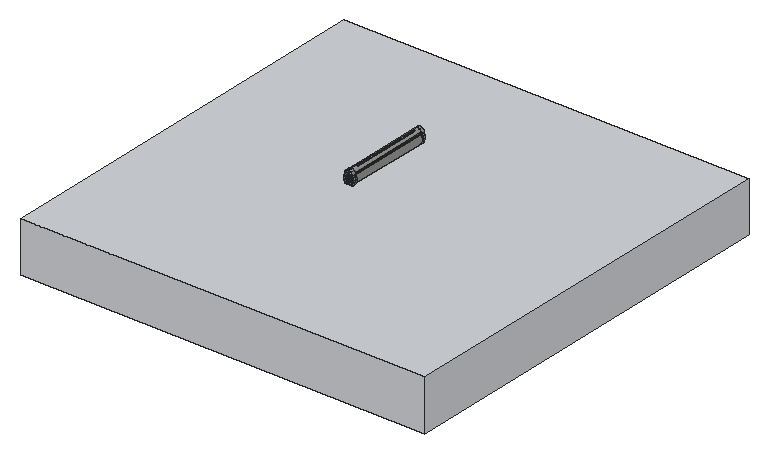
Revit family "L-trade II_body Standart", category Обобщенные модели, Revit 2017
Family settings
  Основа = Грань
  Может служить основой для арматурных стержней = Нет
  Размер круглого соединителя = Использовать диаметр
  Тип детали = Нормальный
  При загрузке вырезать с полостями = Нет
  Общий = Нет
  Точка расчета площади = Нет
Parameters
  Расстояние от светильника до плоскости = 250 mm
  Default Elevation = 1219.2 mm
  Начало выдавливания = Длина профиля / 2 * (-1)  # -250 mm
  Конец выдавливания = Длина профиля / 2  # 250 mm
  Длина профиля = 500 mm
Reference planes
  plane 1 "По центру (Вперед/Назад)": y = 0
  plane 2: z = 0
  plane 3 "По центру (Влево/Вправо)": x = 0
  plane 4 "Плоскость расположения светильника": z = 250
Forms (mm)
  Extrusion 1, solid
    sketch origin (0, 0, 0) x (1, 0, 0) y (0, 1, 0)
      loop
        line (-1219.2, 1219.2) -> (-1219.2, -1219.2) -> (1219.2, -1219.2) -> (1219.2, 1219.2) -> (-1219.2, 1219.2)
    from 0 to -304.8
  Extrusion 2, solid, material "Алюминий"
    sketch origin (-0.012, 0, 76.46) x (0, 0, 1) y (1, 0, 0)
      loop
        line (118.04, 2.584) -> (119.04, 2.584) -> (119.04, 4.637) -> (123.497, 4.637) -> (123.497, -4.637) -> (119.04, -4.637) -> (119.04, -2.584) -> (118.04, -2.584) -> (118.04, -21.594)
        arc (118.04, -21.594) -> (118.745, -23.295) -> (120.446, -24) r 2.406
        line (120.446, -24) -> (167.14, -24) -> (167.481, -23.065)
        arc (167.481, -23.065) -> (167.917, -20.445) -> (169.02, -22.862) r 1.389
        line (169.02, -22.862) -> (170.267, -23.744)
        arc (170.267, -23.744) -> (171.573, -24.107) -> (172.811, -23.557) r 2.006
        arc (172.811, -23.557) -> (173.124, -23.273) -> (173.54, -23.2) r 0.757
        line (173.54, -23.2) -> (173.54, -22.236) -> (172.7, -22.236) -> (172.127, -22.808)
        arc (172.127, -22.808) -> (170.724, -22.808) -> (170.724, -21.405) r 0.992
        arc (170.724, -21.405) -> (170.972, -21.083) -> (171.127, -20.708) r 1.556
        line (171.127, -20.708) -> (171.127, -18.337)
        arc (171.127, -18.337) -> (172.044, -16.858) -> (172.54, -18.526) r 0.954
        line (172.54, -18.526) -> (172.54, -19.814) -> (173.54, -19.814) -> (173.54, -19.013)
        arc (173.54, -19.013) -> (173.942, -17.804) -> (173.54, -16.594) r 2.024
        line (173.54, -16.594) -> (173.54, -4.465) -> (172.54, -4.465) -> (172.54, -5.495) -> (171.341, -5.495) -> (171.341, 5.495) -> (172.54, 5.495) -> (172.54, 4.465) -> (173.54, 4.465) -> (173.54, 16.594)
        arc (173.54, 16.594) -> (173.942, 17.804) -> (173.54, 19.013) r 2.024
        line (173.54, 19.013) -> (173.54, 19.814) -> (172.54, 19.814) -> (172.54, 18.526)
        arc (172.54, 18.526) -> (172.044, 16.858) -> (171.127, 18.337) r 0.954
        line (171.127, 18.337) -> (171.127, 20.708)
        arc (171.127, 20.708) -> (170.972, 21.083) -> (170.724, 21.405) r 1.556
        arc (170.724, 21.405) -> (170.724, 22.808) -> (172.127, 22.808) r 0.992
        line (172.127, 22.808) -> (172.7, 22.236) -> (173.54, 22.236) -> (173.54, 23.2)
        arc (173.54, 23.2) -> (173.124, 23.273) -> (172.811, 23.557) r 0.757
        arc (172.811, 23.557) -> (171.573, 24.107) -> (170.267, 23.744) r 2.006
        line (170.267, 23.744) -> (169.02, 22.862)
        arc (169.02, 22.862) -> (167.917, 20.445) -> (167.481, 23.065) r 1.389
        line (167.481, 23.065) -> (167.14, 24) -> (120.446, 24)
        arc (120.446, 24) -> (118.745, 23.295) -> (118.04, 21.594) r 2.406
        line (118.04, 21.594) -> (118.04, 2.584)
      loop
        line (119.04, 5.63) -> (124.468, 5.63) -> (124.468, -5.63) -> (119.04, -5.63) -> (119.04, -21.595)
        arc (119.04, -21.595) -> (119.452, -22.589) -> (120.445, -23) r 1.405
        line (120.445, -23) -> (165.938, -23)
        arc (165.938, -23) -> (166.807, -19.727) -> (170.122, -20.419) r 2.462
        line (170.122, -20.419) -> (170.122, -18.738)
        arc (170.122, -18.738) -> (170.372, -16.497) -> (172.54, -15.878) r 2.024
        line (172.54, -15.878) -> (172.54, -6.488) -> (170.32, -6.488) -> (170.32, 6.488) -> (172.54, 6.488) -> (172.54, 15.878)
        arc (172.54, 15.878) -> (170.372, 16.497) -> (170.122, 18.738) r 2.024
        line (170.122, 18.738) -> (170.122, 20.419)
        arc (170.122, 20.419) -> (166.807, 19.727) -> (165.938, 23) r 2.462
        line (165.938, 23) -> (120.445, 23)
        arc (120.445, 23) -> (119.452, 22.589) -> (119.04, 21.595) r 1.405
        line (119.04, 21.595) -> (119.04, 5.63)
    from -250 <- "Начало выдавливания" to 250 <- "Конец выдавливания"
  Extrusion 3, solid, material "Стекло, прозрачное остекление"
    sketch origin (-0.012, 0.083, 76.46) x (-1, 0, 0) y (0, 0, -1)
      loop
        arc (0, -194.275) -> (-14.722, -188.177) -> (-20.82, -173.455) r 20.82
        line (-20.82, -173.455) -> (-20.82, -172.351) -> (-18.381, -172.351) -> (-18.381, -171.214) -> (-22.1, -171.214) -> (-22.1, -173.455)
        arc (-22.1, -173.455) -> (-15.627, -189.082) -> (0, -195.555) r 22.1
        arc (0, -195.555) -> (15.627, -189.082) -> (22.1, -173.455) r 22.1
        line (22.1, -173.455) -> (22.1, -171.214) -> (18.381, -171.214) -> (18.381, -172.351) -> (20.82, -172.351) -> (20.82, -173.455)
        arc (20.82, -173.455) -> (14.722, -188.177) -> (0, -194.275) r 20.82
    from -250 <- "Начало выдавливания" to 250 <- "Конец выдавливания"
  Extrusion 4, solid, material "Поликарбонат, прозрачный"
    sketch origin (-0.012, 250, 76.46) x (0, 0, 1) y (1, 0, 0)
      loop
        arc (174.679, 23.068) -> (170.853, 25.25) -> (166.448, 25.269) r 8.666
        arc (166.448, 25.269) -> (163.082, 24.713) -> (160.451, 26.885) r 4.12
        line (160.451, 26.885) -> (158.904, 30.055)
        arc (158.904, 30.055) -> (157.603, 31.441) -> (155.771, 31.952) r 3.536
        line (155.771, 31.952) -> (147.501, 31.952) -> (139.23, 31.952)
        arc (139.23, 31.952) -> (137.398, 31.441) -> (136.097, 30.055) r 3.536
        line (136.097, 30.055) -> (134.555, 26.879)
        arc (134.555, 26.879) -> (131.915, 24.702) -> (128.54, 25.271) r 4.12
        arc (128.54, 25.271) -> (124.448, 26.439) -> (120.446, 24.991) r 6.919
        arc (120.446, 24.991) -> (118.044, 23.996) -> (117.049, 21.594) r 3.397
        line (117.049, 21.594) -> (117.049, 4.657)
        arc (117.049, 4.657) -> (117.348, 3.936) -> (118.069, 3.637) r 1.02
        line (118.069, 3.637) -> (123.022, 3.637) -> (123.022, -3.637) -> (118.069, -3.637)
        arc (118.069, -3.637) -> (117.348, -3.936) -> (117.049, -4.657) r 1.02
        line (117.049, -4.657) -> (117.049, -21.594)
        arc (117.049, -21.594) -> (118.044, -23.996) -> (120.446, -24.991) r 3.397
        arc (120.446, -24.991) -> (124.448, -26.439) -> (128.54, -25.271) r 6.919
        arc (128.54, -25.271) -> (131.915, -24.702) -> (134.555, -26.879) r 4.12
        line (134.555, -26.879) -> (136.097, -30.055)
        arc (136.097, -30.055) -> (137.398, -31.441) -> (139.23, -31.952) r 3.536
        line (139.23, -31.952) -> (147.501, -31.952) -> (155.771, -31.952)
        arc (155.771, -31.952) -> (157.603, -31.441) -> (158.904, -30.055) r 3.536
        line (158.904, -30.055) -> (160.451, -26.885)
        arc (160.451, -26.885) -> (163.082, -24.713) -> (166.448, -25.269) r 4.12
        arc (166.448, -25.269) -> (170.853, -25.25) -> (174.679, -23.068) r 8.666
        arc (174.679, -23.068) -> (190.216, -15.896) -> (196.555, 0) r 23.1
        arc (196.555, 0) -> (190.216, 15.896) -> (174.679, 23.068) r 23.1
      loop
        arc (173.774, 21.098) -> (170.823, 23.167) -> (167.226, 23.398) r 6.666
        arc (167.226, 23.398) -> (162.371, 22.836) -> (158.653, 26.008) r 6.12
        line (158.653, 26.008) -> (157.122, 29.148)
        arc (157.122, 29.148) -> (156.557, 29.736) -> (155.771, 29.952) r 1.536
        line (155.771, 29.952) -> (147.501, 29.952) -> (139.23, 29.952)
        arc (139.23, 29.952) -> (138.445, 29.736) -> (137.88, 29.149) r 1.536
        line (137.88, 29.149) -> (136.354, 26.005)
        arc (136.354, 26.005) -> (132.435, 22.771) -> (127.423, 23.612) r 6.12
        arc (127.423, 23.612) -> (124.205, 24.42) -> (121.206, 23) r 4.919
        arc (121.206, 23) -> (120.518, 23.044) -> (119.853, 22.859) r 2.071
        arc (119.853, 22.859) -> (119.267, 22.344) -> (119.049, 21.594) r 1.397
        line (119.049, 21.594) -> (119.049, 5.637) -> (125.022, 5.637) -> (125.022, -5.637) -> (119.049, -5.637) -> (119.049, -21.594)
        arc (119.049, -21.594) -> (119.267, -22.344) -> (119.853, -22.859) r 1.397
        arc (119.853, -22.859) -> (120.518, -23.044) -> (121.206, -23) r 2.071
        arc (121.206, -23) -> (124.205, -24.42) -> (127.423, -23.612) r 4.919
        arc (127.423, -23.612) -> (132.435, -22.771) -> (136.354, -26.005) r 6.12
        line (136.354, -26.005) -> (137.88, -29.149)
        arc (137.88, -29.149) -> (138.445, -29.736) -> (139.23, -29.952) r 1.536
        line (139.23, -29.952) -> (147.501, -29.952) -> (155.771, -29.952)
        arc (155.771, -29.952) -> (156.557, -29.736) -> (157.122, -29.148) r 1.536
        line (157.122, -29.148) -> (158.653, -26.008)
        arc (158.653, -26.008) -> (162.371, -22.836) -> (167.226, -23.398) r 6.12
        arc (167.226, -23.398) -> (170.823, -23.167) -> (173.774, -21.098) r 6.666
        arc (173.774, -21.098) -> (188.487, -14.807) -> (194.555, 0) r 21.1
        arc (194.555, 0) -> (188.487, 14.807) -> (173.774, 21.098) r 21.1
    from 0 to 18
  Extrusion 5, solid
    sketch origin (-0.012, 250, 76.46) x (0, 0, -1) y (1, 0, 0)
      loop
        arc (-173.774, 21.098) -> (-188.487, 14.807) -> (-194.555, 0) r 21.1
        arc (-194.555, 0) -> (-188.487, -14.807) -> (-173.774, -21.098) r 21.1
        arc (-173.774, -21.098) -> (-170.823, -23.167) -> (-167.226, -23.398) r 6.666
        arc (-167.226, -23.398) -> (-162.371, -22.836) -> (-158.653, -26.008) r 6.12
        line (-158.653, -26.008) -> (-157.122, -29.148)
        arc (-157.122, -29.148) -> (-156.557, -29.736) -> (-155.771, -29.952) r 1.536
        line (-155.771, -29.952) -> (-147.501, -29.952) -> (-139.23, -29.952)
        arc (-139.23, -29.952) -> (-138.445, -29.736) -> (-137.88, -29.149) r 1.536
        line (-137.88, -29.149) -> (-136.354, -26.005)
        arc (-136.354, -26.005) -> (-132.435, -22.771) -> (-127.423, -23.612) r 6.12
        arc (-127.423, -23.612) -> (-124.205, -24.42) -> (-121.206, -23) r 4.919
        arc (-121.206, -23) -> (-120.518, -23.044) -> (-119.853, -22.859) r 2.071
        arc (-119.853, -22.859) -> (-119.267, -22.344) -> (-119.049, -21.594) r 1.397
        line (-119.049, -21.594) -> (-119.049, -5.637) -> (-125.022, -5.637) -> (-125.022, 0) -> (-125.022, 5.637) -> (-119.049, 5.637) -> (-119.049, 21.594)
        arc (-119.049, 21.594) -> (-119.267, 22.344) -> (-119.853, 22.859) r 1.397
        arc (-119.853, 22.859) -> (-120.518, 23.044) -> (-121.206, 23) r 2.071
        arc (-121.206, 23) -> (-124.205, 24.42) -> (-127.423, 23.612) r 4.919
        arc (-127.423, 23.612) -> (-132.435, 22.771) -> (-136.354, 26.005) r 6.12
        line (-136.354, 26.005) -> (-137.88, 29.149)
        arc (-137.88, 29.149) -> (-138.445, 29.736) -> (-139.23, 29.952) r 1.536
        line (-139.23, 29.952) -> (-147.501, 29.952) -> (-155.771, 29.952)
        arc (-155.771, 29.952) -> (-156.557, 29.736) -> (-157.122, 29.148) r 1.536
        line (-157.122, 29.148) -> (-158.653, 26.008)
        arc (-158.653, 26.008) -> (-162.371, 22.836) -> (-167.226, 23.398) r 6.12
        arc (-167.226, 23.398) -> (-170.823, 23.167) -> (-173.774, 21.098) r 6.666
    from 0 to -1
  Extrusion 6, solid, material "Каучук, черный"
    sketch origin (-0.012, 251, 76.46) x (0, 0, 1) y (1, 0, 0)
      loop
        line (147.501, 21.281) -> (142.525, 21.281)
        arc (142.525, 21.281) -> (141.377, 21.052) -> (140.404, 20.402) r 3
        line (140.404, 20.402) -> (134.629, 14.627)
        arc (134.629, 14.627) -> (133.979, 13.654) -> (133.75, 12.506) r 3
        line (133.75, 12.506) -> (133.75, 6.586)
        arc (133.75, 6.586) -> (134.776, 4.111) -> (137.25, 3.086) r 3.5
        line (137.25, 3.086) -> (147.501, 3.086) -> (157.751, 3.086)
        arc (157.751, 3.086) -> (160.226, 4.111) -> (161.251, 6.586) r 3.5
        line (161.251, 6.586) -> (161.251, 12.506)
        arc (161.251, 12.506) -> (161.022, 13.654) -> (160.372, 14.627) r 3
        line (160.372, 14.627) -> (154.597, 20.402)
        arc (154.597, 20.402) -> (153.624, 21.052) -> (152.476, 21.281) r 3
        line (152.476, 21.281) -> (147.501, 21.281)
      loop
        line (155.456, 13.082) -> (152.58, 13.082) -> (152.58, 6.526) -> (155.456, 6.526) -> (155.456, 13.082)
      loop
        line (139.545, 13.082) -> (139.545, 6.526) -> (142.421, 6.526) -> (142.421, 13.082) -> (139.545, 13.082)
      loop
        line (146.063, 18.411) -> (146.063, 11.854) -> (148.938, 11.854) -> (148.938, 18.411) -> (146.063, 18.411)
      loop
        line (147.501, -21.281) -> (152.476, -21.281)
        arc (152.476, -21.281) -> (153.624, -21.052) -> (154.597, -20.402) r 3
        line (154.597, -20.402) -> (160.372, -14.627)
        arc (160.372, -14.627) -> (161.022, -13.654) -> (161.251, -12.506) r 3
        line (161.251, -12.506) -> (161.251, -6.586)
        arc (161.251, -6.586) -> (160.226, -4.111) -> (157.751, -3.086) r 3.5
        line (157.751, -3.086) -> (147.501, -3.086) -> (137.25, -3.086)
        arc (137.25, -3.086) -> (134.776, -4.111) -> (133.75, -6.586) r 3.5
        line (133.75, -6.586) -> (133.75, -12.506)
        arc (133.75, -12.506) -> (133.979, -13.654) -> (134.629, -14.627) r 3
        line (134.629, -14.627) -> (140.404, -20.402)
        arc (140.404, -20.402) -> (141.377, -21.052) -> (142.525, -21.281) r 3
        line (142.525, -21.281) -> (147.501, -21.281)
      loop
        line (155.456, -13.082) -> (155.456, -6.526) -> (152.58, -6.526) -> (152.58, -13.082) -> (155.456, -13.082)
      loop
        line (139.545, -13.082) -> (142.421, -13.082) -> (142.421, -6.526) -> (139.545, -6.526) -> (139.545, -13.082)
      loop
        line (146.063, -18.411) -> (148.938, -18.411) -> (148.938, -11.854) -> (146.063, -11.854) -> (146.063, -18.411)
    from 0 to 15
  Extrusion 7, solid, material "Поликарбонат, прозрачный"
    sketch origin (-0.012, -250, 76.46) x (0, 0, -1) y (1, 0, 0)
      loop
        arc (-174.679, 23.068) -> (-190.216, 15.896) -> (-196.555, 0) r 23.1
        arc (-196.555, 0) -> (-190.216, -15.896) -> (-174.679, -23.068) r 23.1
        arc (-174.679, -23.068) -> (-170.853, -25.25) -> (-166.448, -25.269) r 8.666
        arc (-166.448, -25.269) -> (-163.082, -24.713) -> (-160.451, -26.885) r 4.12
        line (-160.451, -26.885) -> (-158.904, -30.055)
        arc (-158.904, -30.055) -> (-157.603, -31.441) -> (-155.771, -31.952) r 3.536
        line (-155.771, -31.952) -> (-147.501, -31.952) -> (-139.23, -31.952)
        arc (-139.23, -31.952) -> (-137.398, -31.441) -> (-136.097, -30.055) r 3.536
        line (-136.097, -30.055) -> (-134.555, -26.879)
        arc (-134.555, -26.879) -> (-131.915, -24.702) -> (-128.54, -25.271) r 4.12
        arc (-128.54, -25.271) -> (-124.448, -26.439) -> (-120.446, -24.991) r 6.919
        arc (-120.446, -24.991) -> (-118.044, -23.996) -> (-117.049, -21.594) r 3.397
        line (-117.049, -21.594) -> (-117.049, -4.657)
        arc (-117.049, -4.657) -> (-117.348, -3.936) -> (-118.069, -3.637) r 1.02
        line (-118.069, -3.637) -> (-123.022, -3.637) -> (-123.022, 3.637) -> (-118.069, 3.637)
        arc (-118.069, 3.637) -> (-117.348, 3.936) -> (-117.049, 4.657) r 1.02
        line (-117.049, 4.657) -> (-117.049, 21.594)
        arc (-117.049, 21.594) -> (-118.044, 23.996) -> (-120.446, 24.991) r 3.397
        arc (-120.446, 24.991) -> (-124.448, 26.439) -> (-128.54, 25.271) r 6.919
        arc (-128.54, 25.271) -> (-131.915, 24.702) -> (-134.555, 26.879) r 4.12
        line (-134.555, 26.879) -> (-136.097, 30.055)
        arc (-136.097, 30.055) -> (-137.398, 31.441) -> (-139.23, 31.952) r 3.536
        line (-139.23, 31.952) -> (-147.501, 31.952) -> (-155.771, 31.952)
        arc (-155.771, 31.952) -> (-157.603, 31.441) -> (-158.904, 30.055) r 3.536
        line (-158.904, 30.055) -> (-160.451, 26.885)
        arc (-160.451, 26.885) -> (-163.082, 24.713) -> (-166.448, 25.269) r 4.12
        arc (-166.448, 25.269) -> (-170.853, 25.25) -> (-174.679, 23.068) r 8.666
      loop
        arc (-173.774, 21.098) -> (-188.487, 14.807) -> (-194.555, 0) r 21.1
        arc (-194.555, 0) -> (-188.487, -14.807) -> (-173.774, -21.098) r 21.1
        arc (-173.774, -21.098) -> (-170.823, -23.167) -> (-167.226, -23.398) r 6.666
        arc (-167.226, -23.398) -> (-162.371, -22.836) -> (-158.653, -26.008) r 6.12
        line (-158.653, -26.008) -> (-157.122, -29.148)
        arc (-157.122, -29.148) -> (-156.557, -29.736) -> (-155.771, -29.952) r 1.536
        line (-155.771, -29.952) -> (-147.501, -29.952) -> (-139.23, -29.952)
        arc (-139.23, -29.952) -> (-138.445, -29.736) -> (-137.88, -29.149) r 1.536
        line (-137.88, -29.149) -> (-136.354, -26.005)
        arc (-136.354, -26.005) -> (-132.435, -22.771) -> (-127.423, -23.612) r 6.12
        arc (-127.423, -23.612) -> (-124.205, -24.42) -> (-121.206, -23) r 4.919
        arc (-121.206, -23) -> (-120.518, -23.044) -> (-119.853, -22.859) r 2.071
        arc (-119.853, -22.859) -> (-119.267, -22.344) -> (-119.049, -21.594) r 1.397
        line (-119.049, -21.594) -> (-119.049, -5.637) -> (-125.022, -5.637) -> (-125.022, 5.637) -> (-119.049, 5.637) -> (-119.049, 21.594)
        arc (-119.049, 21.594) -> (-119.267, 22.344) -> (-119.853, 22.859) r 1.397
        arc (-119.853, 22.859) -> (-120.518, 23.044) -> (-121.206, 23) r 2.071
        arc (-121.206, 23) -> (-124.205, 24.42) -> (-127.423, 23.612) r 4.919
        arc (-127.423, 23.612) -> (-132.435, 22.771) -> (-136.354, 26.005) r 6.12
        line (-136.354, 26.005) -> (-137.88, 29.149)
        arc (-137.88, 29.149) -> (-138.445, 29.736) -> (-139.23, 29.952) r 1.536
        line (-139.23, 29.952) -> (-147.501, 29.952) -> (-155.771, 29.952)
        arc (-155.771, 29.952) -> (-156.557, 29.736) -> (-157.122, 29.148) r 1.536
        line (-157.122, 29.148) -> (-158.653, 26.008)
        arc (-158.653, 26.008) -> (-162.371, 22.836) -> (-167.226, 23.398) r 6.12
        arc (-167.226, 23.398) -> (-170.823, 23.167) -> (-173.774, 21.098) r 6.666
    from 0 to 18
  Extrusion 8, solid
    sketch origin (-0.012, -250, 76.46) x (0, 0, 1) y (1, 0, 0)
      loop
        arc (173.774, 21.098) -> (170.823, 23.167) -> (167.226, 23.398) r 6.666
        arc (167.226, 23.398) -> (162.371, 22.836) -> (158.653, 26.008) r 6.12
        line (158.653, 26.008) -> (157.122, 29.148)
        arc (157.122, 29.148) -> (156.557, 29.736) -> (155.771, 29.952) r 1.536
        line (155.771, 29.952) -> (147.501, 29.952) -> (139.23, 29.952)
        arc (139.23, 29.952) -> (138.445, 29.736) -> (137.88, 29.149) r 1.536
        line (137.88, 29.149) -> (136.354, 26.005)
        arc (136.354, 26.005) -> (132.435, 22.771) -> (127.423, 23.612) r 6.12
        arc (127.423, 23.612) -> (124.205, 24.42) -> (121.206, 23) r 4.919
        arc (121.206, 23) -> (120.518, 23.044) -> (119.853, 22.859) r 2.071
        arc (119.853, 22.859) -> (119.267, 22.344) -> (119.049, 21.594) r 1.397
        line (119.049, 21.594) -> (119.049, 5.637) -> (125.022, 5.637) -> (125.022, 0) -> (125.022, -5.637) -> (119.049, -5.637) -> (119.049, -21.594)
        arc (119.049, -21.594) -> (119.267, -22.344) -> (119.853, -22.859) r 1.397
        arc (119.853, -22.859) -> (120.518, -23.044) -> (121.206, -23) r 2.071
        arc (121.206, -23) -> (124.205, -24.42) -> (127.423, -23.612) r 4.919
        arc (127.423, -23.612) -> (132.435, -22.771) -> (136.354, -26.005) r 6.12
        line (136.354, -26.005) -> (137.88, -29.149)
        arc (137.88, -29.149) -> (138.445, -29.736) -> (139.23, -29.952) r 1.536
        line (139.23, -29.952) -> (147.501, -29.952) -> (155.771, -29.952)
        arc (155.771, -29.952) -> (156.557, -29.736) -> (157.122, -29.148) r 1.536
        line (157.122, -29.148) -> (158.653, -26.008)
        arc (158.653, -26.008) -> (162.371, -22.836) -> (167.226, -23.398) r 6.12
        arc (167.226, -23.398) -> (170.823, -23.167) -> (173.774, -21.098) r 6.666
        arc (173.774, -21.098) -> (188.487, -14.807) -> (194.555, 0) r 21.1
        arc (194.555, 0) -> (188.487, 14.807) -> (173.774, 21.098) r 21.1
    from 0 to -1
  Extrusion 9, solid, material "Каучук, черный"
    sketch origin (-0.012, -251, 76.46) x (0, 0, -1) y (1, 0, 0)
      loop
        line (-147.501, -21.281) -> (-142.525, -21.281)
        arc (-142.525, -21.281) -> (-141.377, -21.052) -> (-140.404, -20.402) r 3
        line (-140.404, -20.402) -> (-134.629, -14.627)
        arc (-134.629, -14.627) -> (-133.979, -13.654) -> (-133.75, -12.506) r 3
        line (-133.75, -12.506) -> (-133.75, -6.586)
        arc (-133.75, -6.586) -> (-134.776, -4.111) -> (-137.25, -3.086) r 3.5
        line (-137.25, -3.086) -> (-147.501, -3.086) -> (-157.751, -3.086)
        arc (-157.751, -3.086) -> (-160.226, -4.111) -> (-161.251, -6.586) r 3.5
        line (-161.251, -6.586) -> (-161.251, -12.506)
        arc (-161.251, -12.506) -> (-161.022, -13.654) -> (-160.372, -14.627) r 3
        line (-160.372, -14.627) -> (-154.597, -20.402)
        arc (-154.597, -20.402) -> (-153.624, -21.052) -> (-152.476, -21.281) r 3
        line (-152.476, -21.281) -> (-147.501, -21.281)
      loop
        arc (-159.051, -12.415) -> (-158.973, -12.805) -> (-158.752, -13.136) r 1.021
        line (-158.752, -13.136) -> (-153.148, -18.74)
        arc (-153.148, -18.74) -> (-152.771, -18.992) -> (-152.326, -19.081) r 1.162
        line (-152.326, -19.081) -> (-147.501, -19.081) -> (-142.675, -19.081)
        arc (-142.675, -19.081) -> (-142.23, -18.992) -> (-141.853, -18.74) r 1.162
        line (-141.853, -18.74) -> (-136.249, -13.136)
        arc (-136.249, -13.136) -> (-136.028, -12.805) -> (-135.95, -12.415) r 1.021
        line (-135.95, -12.415) -> (-135.95, -6.586)
        arc (-135.95, -6.586) -> (-136.331, -5.667) -> (-137.25, -5.286) r 1.3
        line (-137.25, -5.286) -> (-147.501, -5.286) -> (-157.751, -5.286)
        arc (-157.751, -5.286) -> (-158.67, -5.667) -> (-159.051, -6.586) r 1.3
        line (-159.051, -6.586) -> (-159.051, -12.415)
      loop
        line (-147.501, 21.281) -> (-152.476, 21.281)
        arc (-152.476, 21.281) -> (-153.624, 21.052) -> (-154.597, 20.402) r 3
        line (-154.597, 20.402) -> (-160.372, 14.627)
        arc (-160.372, 14.627) -> (-161.022, 13.654) -> (-161.251, 12.506) r 3
        line (-161.251, 12.506) -> (-161.251, 6.586)
        arc (-161.251, 6.586) -> (-160.226, 4.111) -> (-157.751, 3.086) r 3.5
        line (-157.751, 3.086) -> (-147.501, 3.086) -> (-137.25, 3.086)
        arc (-137.25, 3.086) -> (-134.776, 4.111) -> (-133.75, 6.586) r 3.5
        line (-133.75, 6.586) -> (-133.75, 12.506)
        arc (-133.75, 12.506) -> (-133.979, 13.654) -> (-134.629, 14.627) r 3
        line (-134.629, 14.627) -> (-140.404, 20.402)
        arc (-140.404, 20.402) -> (-141.377, 21.052) -> (-142.525, 21.281) r 3
        line (-142.525, 21.281) -> (-147.501, 21.281)
      loop
        line (-159.051, 12.415) -> (-159.051, 6.586)
        arc (-159.051, 6.586) -> (-158.67, 5.667) -> (-157.751, 5.286) r 1.3
        line (-157.751, 5.286) -> (-147.501, 5.286) -> (-137.25, 5.286)
        arc (-137.25, 5.286) -> (-136.331, 5.667) -> (-135.95, 6.586) r 1.3
        line (-135.95, 6.586) -> (-135.95, 12.415)
        arc (-135.95, 12.415) -> (-136.028, 12.805) -> (-136.249, 13.136) r 1.021
        line (-136.249, 13.136) -> (-141.853, 18.74)
        arc (-141.853, 18.74) -> (-142.23, 18.992) -> (-142.675, 19.081) r 1.162
        line (-142.675, 19.081) -> (-147.501, 19.081) -> (-152.326, 19.081)
        arc (-152.326, 19.081) -> (-152.771, 18.992) -> (-153.148, 18.74) r 1.162
        line (-153.148, 18.74) -> (-158.752, 13.136)
        arc (-158.752, 13.136) -> (-158.973, 12.805) -> (-159.051, 12.415) r 1.021
    from 0 to 15
  Extrusion 10, solid, material "Алюминий"
    sketch origin (-0.012, -251, 76.46) x (0, 0, -1) y (1, 0, 0)
      loop
        line (-146.863, -17.611) -> (-146.863, -12.654) -> (-148.138, -12.654) -> (-148.138, -17.611) -> (-146.863, -17.611)
      loop
        line (-141.621, -12.282) -> (-140.345, -12.282) -> (-140.345, -7.326) -> (-141.621, -7.326) -> (-141.621, -12.282)
      loop
        line (-153.38, -7.326) -> (-154.656, -7.326) -> (-154.656, -12.282) -> (-153.38, -12.282) -> (-153.38, -7.326)
      loop
        line (-146.863, 17.611) -> (-148.138, 17.611) -> (-148.138, 12.654) -> (-146.863, 12.654) -> (-146.863, 17.611)
      loop
        line (-141.621, 12.282) -> (-141.621, 7.326) -> (-140.345, 7.326) -> (-140.345, 12.282) -> (-141.621, 12.282)
      loop
        line (-153.38, 7.326) -> (-153.38, 12.282) -> (-154.656, 12.282) -> (-154.656, 7.326) -> (-153.38, 7.326)
    from 0 to 14
Dimensions and locks
  "Расстояние от светильника до плоскости": plane 4 "Плоскость расположения светильника" to Extrusion 1
  aligned and locked: plane 2 to Extrusion 1
  aligned and locked: level to Extrusion 1
Automatic sketch dimensions
  Extrusion 1 sketch curve to Extrusion 1 sketch curve = 2438.4 mm  (x2)
  Extrusion 2 sketch curve to Extrusion 2 sketch curve = 0 mm  (x20)
  Extrusion 2 sketch curve to plane 4 "Плоскость расположения светильника" = 55.5 mm  (x2)
  Extrusion 2 sketch curve to Extrusion 2 sketch curve = 1 mm  (x6)
  Extrusion 2 sketch curve to Extrusion 2 sketch curve = 1.405 mm  (x2)
  Extrusion 2 sketch curve to Extrusion 2 sketch curve = 0.001 mm  (x3)
  Extrusion 2 sketch curve to Extrusion 2 sketch curve = 4.456 mm
  Extrusion 2 sketch curve to Extrusion 2 sketch curve = 0.971 mm
  Extrusion 2 sketch curve to Extrusion 2 sketch curve = 41.47 mm  (x2)
  plane 3 "По центру (Влево/Вправо)" to Extrusion 2 sketch curve = 22.988 mm
  Extrusion 2 sketch curve to Extrusion 2 sketch curve = 1.203 mm  (x2)
  plane 3 "По центру (Влево/Вправо)" to Extrusion 2 sketch curve = 23.054 mm
  Extrusion 2 sketch curve to Extrusion 2 sketch curve = 0.34 mm  (x2)
  Extrusion 2 sketch curve to Extrusion 2 sketch curve = 0.619 mm  (x2)
  Extrusion 2 sketch curve to Extrusion 2 sketch curve = 0.921 mm  (x2)
  plane 3 "По центру (Влево/Вправо)" to Extrusion 2 sketch curve = 22.85 mm
  Extrusion 2 sketch curve to Extrusion 2 sketch curve = 1.525 mm  (x2)
  Extrusion 2 sketch curve to Extrusion 2 sketch curve = 0.498 mm  (x2)
  Extrusion 2 sketch curve to Extrusion 2 sketch curve = 1.247 mm  (x2)
  plane 3 "По центру (Влево/Вправо)" to Extrusion 2 sketch curve = 23.732 mm
  Extrusion 2 sketch curve to Extrusion 2 sketch curve = 0.198 mm
  Extrusion 2 sketch curve to Extrusion 2 sketch curve = 1.005 mm  (x2)
  Extrusion 2 sketch curve to Extrusion 2 sketch curve = 1.021 mm
  Extrusion 2 sketch curve to Extrusion 2 sketch curve = 0.299 mm  (x2)
  Extrusion 2 sketch curve to Extrusion 2 sketch curve = 0.791 mm  (x2)
  Extrusion 2 sketch curve to plane 3 "По центру (Влево/Вправо)" = 22.82 mm
  Extrusion 2 sketch curve to Extrusion 2 sketch curve = 0.702 mm  (x4)
  plane 3 "По центру (Влево/Вправо)" to Extrusion 2 sketch curve = 22.797 mm
  Extrusion 2 sketch curve to Extrusion 2 sketch curve = 1.2 mm
  Extrusion 2 sketch curve to Extrusion 2 sketch curve = 0.623 mm
  Extrusion 2 sketch curve to Extrusion 2 sketch curve = 1.413 mm  (x2)
  Extrusion 2 sketch curve to Extrusion 2 sketch curve = 0.573 mm  (x3)
  Extrusion 2 sketch curve to Extrusion 2 sketch curve = 1.33 mm  (x2)
  Extrusion 2 sketch curve to Extrusion 2 sketch curve = 0.841 mm  (x2)
  Extrusion 2 sketch curve to Extrusion 2 sketch curve = 0.053 mm
  Extrusion 2 sketch curve to Extrusion 2 sketch curve = 44.595 mm
  Extrusion 2 sketch curve to Extrusion 2 sketch curve = 0.065 mm
  Extrusion 2 sketch curve to Extrusion 2 sketch curve = 0.392 mm
  Extrusion 2 sketch curve to Extrusion 2 sketch curve = 0.882 mm
  Extrusion 2 sketch curve to Extrusion 2 sketch curve = 0.753 mm  (x2)
  Extrusion 2 sketch curve to Extrusion 2 sketch curve = 0.935 mm
  Extrusion 2 sketch curve to Extrusion 2 sketch curve = 0.964 mm  (x2)
  Extrusion 2 sketch curve to Extrusion 2 sketch curve = 0.289 mm  (x2)
  Extrusion 2 sketch curve to Extrusion 2 sketch curve = 0.114 mm  (x2)
  Extrusion 2 sketch curve to Extrusion 2 sketch curve = 0.893 mm
  Extrusion 2 sketch curve to Extrusion 2 sketch curve = 0.801 mm  (x2)
  Extrusion 2 sketch curve to Extrusion 2 sketch curve = 1.567 mm
  Extrusion 2 sketch curve to Extrusion 2 sketch curve = 0.487 mm
  Extrusion 2 sketch curve to Extrusion 2 sketch curve = 0.401 mm
  Extrusion 2 sketch curve to Extrusion 2 sketch curve = 9.39 mm
  Extrusion 2 sketch curve to Extrusion 2 sketch curve = 15.964 mm
  Extrusion 2 sketch curve to Extrusion 2 sketch curve = 0.993 mm  (x4)
  Extrusion 2 sketch curve to Extrusion 2 sketch curve = 1.03 mm  (x2)
  Extrusion 2 sketch curve to Extrusion 2 sketch curve = 2.053 mm  (x2)
  Extrusion 2 sketch curve to Extrusion 2 sketch curve = 5.167 mm
  Extrusion 2 sketch curve to Extrusion 2 sketch curve = 8.93 mm
  Extrusion 2 sketch curve to Extrusion 2 sketch curve = 4.541 mm
  Extrusion 2 sketch curve to Extrusion 2 sketch curve = 0.716 mm
  Extrusion 2 sketch curve to Extrusion 2 sketch curve = 1.21 mm
  Extrusion 2 sketch curve to Extrusion 2 sketch curve = 0.533 mm
  Extrusion 3 sketch curve to Extrusion 3 sketch curve = 0 mm  (x4)
  plane 3 "По центру (Влево/Вправо)" to Extrusion 3 sketch curve = 22.088 mm
  Extrusion 3 sketch curve to Extrusion 3 sketch curve = 1.28 mm
  Extrusion 3 sketch curve to Extrusion 3 sketch curve = 2.439 mm  (x2)
  Extrusion 3 sketch curve to plane 3 "По центру (Влево/Вправо)" = 0.012 mm
  Extrusion 3 sketch curve to plane 4 "Плоскость расположения светильника" = 2.326 mm  (x2)
  Extrusion 3 sketch curve to Extrusion 3 sketch curve = 1.137 mm  (x2)
  Extrusion 3 sketch curve to Extrusion 3 sketch curve = 1.104 mm
  Extrusion 4 sketch curve to Extrusion 4 sketch curve = 0 mm  (x32)
  Extrusion 4 sketch curve to Extrusion 2 = 0 mm
  Extrusion 2 to Extrusion 4 sketch curve = 0 mm
  Extrusion 4 sketch curve to Extrusion 2 = 0.02 mm
  Extrusion 4 sketch curve to Extrusion 2 = 0.029 mm  (x2)
  Extrusion 4 sketch curve to Extrusion 4 sketch curve = 0.286 mm  (x2)
  Extrusion 2 to Extrusion 4 sketch curve = 0.475 mm
  Extrusion 2 to Extrusion 4 sketch curve = 0.219 mm  (x2)
  Extrusion 2 to Extrusion 4 sketch curve = 0.007 mm  (x2)
  Extrusion 2 to Extrusion 4 sketch curve = 0.554 mm
  Extrusion 2 to Extrusion 4 sketch curve = 6.383 mm  (x2)
  Extrusion 2 to Extrusion 4 sketch curve = 2.879 mm  (x2)
  Extrusion 4 sketch curve to Extrusion 4 sketch curve = 3.705 mm  (x2)
  Extrusion 2 to Extrusion 4 sketch curve = 6.055 mm  (x4)
  Extrusion 4 sketch curve to Extrusion 4 sketch curve = 1.541 mm  (x2)
  Extrusion 2 to Extrusion 4 sketch curve = 2.005 mm  (x2)
  Extrusion 4 sketch curve to Extrusion 4 sketch curve = 1.799 mm  (x2)
  Extrusion 2 to Extrusion 4 sketch curve = 5.149 mm  (x2)
  Extrusion 4 sketch curve to Extrusion 4 sketch curve = 1.783 mm  (x3)
  Extrusion 4 sketch curve to Extrusion 4 sketch curve = 1.35 mm  (x4)
  Extrusion 4 sketch curve to Extrusion 4 sketch curve = 8.271 mm  (x4)
  Extrusion 2 to Extrusion 4 sketch curve = 4.417 mm
  Extrusion 2 to Extrusion 4 sketch curve = 5.148 mm  (x2)
  Extrusion 2 to Extrusion 4 sketch curve = 2.008 mm  (x2)
  Extrusion 4 sketch curve to Extrusion 4 sketch curve = 1.531 mm  (x2)
  Extrusion 2 to Extrusion 4 sketch curve = 2.885 mm  (x2)
  Extrusion 4 sketch curve to Extrusion 4 sketch curve = 1.798 mm  (x2)
  Extrusion 4 sketch curve to Extrusion 4 sketch curve = 3.703 mm  (x2)
  Extrusion 2 to Extrusion 4 sketch curve = 1.509 mm  (x2)
  Extrusion 4 sketch curve to Extrusion 2 = 0.086 mm
  Extrusion 4 sketch curve to Extrusion 4 sketch curve = 1.806 mm  (x2)
  Extrusion 4 sketch curve to Extrusion 4 sketch curve = 1.804 mm  (x2)
  Extrusion 4 sketch curve to Extrusion 4 sketch curve = 0.611 mm  (x2)
  Extrusion 4 sketch curve to Extrusion 4 sketch curve = 1.459 mm
  Extrusion 4 sketch curve to Extrusion 2 = 2.936 mm  (x2)
  Extrusion 2 to Extrusion 4 sketch curve = 2.584 mm
  Extrusion 2 to Extrusion 4 sketch curve = 0.828 mm
  Extrusion 4 sketch curve to Extrusion 2 = 0.29 mm
  Extrusion 2 to Extrusion 4 sketch curve = 1.269 mm  (x2)
  Extrusion 4 sketch curve to Extrusion 2 = 0.398 mm  (x2)
  Extrusion 2 to Extrusion 4 sketch curve = 0.233 mm
  Extrusion 4 sketch curve to Extrusion 2 = 0.068 mm
  Extrusion 5 sketch curve to Extrusion 5 sketch curve = 0 mm
  Extrusion 4 to Extrusion 5 sketch curve = 0 mm  (x2)
  Extrusion 5 sketch curve to Extrusion 4 = 0 mm  (x7)
  Extrusion 4 to Extrusion 5 sketch curve = 3.944 mm  (x2)
  Extrusion 5 sketch curve to Extrusion 5 sketch curve = 8.271 mm  (x2)
  Extrusion 5 sketch curve to Extrusion 5 sketch curve = 2.876 mm  (x2)
  Extrusion 4 to Extrusion 5 sketch curve = 0.803 mm  (x2)
  Extrusion 4 to Extrusion 5 sketch curve = 3.637 mm
  Extrusion 6 sketch curve to Extrusion 5 = 8.729 mm  (x2)
  Extrusion 6 sketch curve to Extrusion 6 sketch curve = 0.879 mm  (x5)
  Extrusion 6 sketch curve to Extrusion 6 sketch curve = 2.121 mm  (x8)
  Extrusion 6 sketch curve to Extrusion 5 = 0.949 mm  (x3)
  Extrusion 6 sketch curve to Extrusion 6 sketch curve = 3.5 mm  (x2)
  Extrusion 5 to Extrusion 6 sketch curve = 2.551 mm
  Extrusion 6 sketch curve to Extrusion 6 sketch curve = 2.795 mm  (x4)
  Extrusion 6 sketch curve to Extrusion 6 sketch curve = 0.859 mm  (x2)
  Extrusion 6 sketch curve to Extrusion 6 sketch curve = 2.876 mm  (x6)
  Extrusion 6 sketch curve to Extrusion 6 sketch curve = 3.538 mm  (x4)
  Extrusion 6 sketch curve to Extrusion 6 sketch curve = 1.438 mm  (x2)
  Extrusion 6 sketch curve to Extrusion 6 sketch curve = 5.08 mm  (x3)
  Extrusion 6 sketch curve to Extrusion 5 = 0.889 mm  (x4)
  Extrusion 6 sketch curve to Extrusion 6 sketch curve = 3.642 mm
  Extrusion 6 sketch curve to Extrusion 5 = 9.55 mm  (x2)
  Extrusion 6 sketch curve to Extrusion 6 sketch curve = 2.295 mm  (x2)
  Extrusion 6 sketch curve to Extrusion 5 = 8.99 mm  (x2)
  Extrusion 6 sketch curve to Extrusion 6 sketch curve = 2.87 mm  (x2)
  Extrusion 6 sketch curve to Extrusion 6 sketch curve = 8.042 mm
  Extrusion 6 sketch curve to Extrusion 6 sketch curve = 5.199 mm  (x2)
  Extrusion 6 sketch curve to Extrusion 6 sketch curve = 1.228 mm  (x2)
  Extrusion 6 sketch curve to Extrusion 5 = 6.218 mm
  Extrusion 6 sketch curve to Extrusion 6 sketch curve = 5.92 mm
  Extrusion 6 sketch curve to Extrusion 6 sketch curve = 0.576 mm
  Extrusion 6 sketch curve to Extrusion 6 sketch curve = 3 mm
  Extrusion 7 sketch curve to Extrusion 7 sketch curve = 0 mm  (x38)
  Extrusion 7 sketch curve to Extrusion 2 = 0 mm
  Extrusion 2 to Extrusion 7 sketch curve = 0 mm
  Extrusion 7 sketch curve to Extrusion 7 sketch curve = 0.286 mm  (x2)
  Extrusion 2 to Extrusion 7 sketch curve = 0.475 mm
  Extrusion 2 to Extrusion 7 sketch curve = 0.219 mm  (x2)
  Extrusion 2 to Extrusion 7 sketch curve = 0.007 mm  (x2)
  Extrusion 2 to Extrusion 7 sketch curve = 0.554 mm
  Extrusion 2 to Extrusion 7 sketch curve = 6.383 mm  (x2)
  Extrusion 2 to Extrusion 7 sketch curve = 2.879 mm  (x2)
  Extrusion 7 sketch curve to Extrusion 7 sketch curve = 3.705 mm  (x2)
  Extrusion 2 to Extrusion 7 sketch curve = 6.055 mm  (x4)
  Extrusion 7 sketch curve to Extrusion 7 sketch curve = 1.541 mm  (x2)
  Extrusion 2 to Extrusion 7 sketch curve = 2.005 mm  (x2)
  Extrusion 7 sketch curve to Extrusion 7 sketch curve = 1.799 mm  (x2)
  Extrusion 2 to Extrusion 7 sketch curve = 5.149 mm  (x2)
  Extrusion 7 sketch curve to Extrusion 7 sketch curve = 1.783 mm  (x3)
  Extrusion 7 sketch curve to Extrusion 7 sketch curve = 1.35 mm  (x4)
  Extrusion 7 sketch curve to Extrusion 7 sketch curve = 8.271 mm  (x4)
  Extrusion 2 to Extrusion 7 sketch curve = 4.417 mm
  Extrusion 2 to Extrusion 7 sketch curve = 5.148 mm  (x2)
  Extrusion 2 to Extrusion 7 sketch curve = 2.008 mm  (x2)
  Extrusion 7 sketch curve to Extrusion 7 sketch curve = 1.531 mm  (x2)
  Extrusion 2 to Extrusion 7 sketch curve = 2.885 mm  (x2)
  Extrusion 7 sketch curve to Extrusion 7 sketch curve = 1.798 mm  (x2)
  Extrusion 7 sketch curve to Extrusion 7 sketch curve = 3.703 mm  (x2)
  Extrusion 2 to Extrusion 7 sketch curve = 1.509 mm  (x2)
  Extrusion 7 sketch curve to Extrusion 2 = 0.086 mm
  Extrusion 7 sketch curve to Extrusion 2 = 0.02 mm  (x2)
  Extrusion 7 sketch curve to Extrusion 2 = 0.029 mm  (x2)
  Extrusion 7 sketch curve to Extrusion 7 sketch curve = 1.806 mm  (x2)
  Extrusion 7 sketch curve to Extrusion 7 sketch curve = 1.804 mm  (x2)
  Extrusion 7 sketch curve to Extrusion 7 sketch curve = 0.611 mm  (x2)
  Extrusion 7 sketch curve to Extrusion 2 = 0.29 mm  (x2)
  Extrusion 7 sketch curve to Extrusion 2 = 2.936 mm  (x2)
  Extrusion 2 to Extrusion 7 sketch curve = 4.465 mm
  Extrusion 7 sketch curve to Extrusion 7 sketch curve = 1.353 mm  (x2)
  Extrusion 2 to Extrusion 7 sketch curve = 1.269 mm  (x2)
  Extrusion 7 sketch curve to Extrusion 2 = 0.398 mm  (x2)
  Extrusion 2 to Extrusion 7 sketch curve = 0.233 mm
  Extrusion 7 sketch curve to Extrusion 2 = 0.068 mm
  Extrusion 8 sketch curve to Extrusion 8 sketch curve = 0 mm
  Extrusion 8 sketch curve to Extrusion 7 = 0 mm  (x7)
  Extrusion 7 to Extrusion 8 sketch curve = 0 mm  (x2)
  Extrusion 7 to Extrusion 8 sketch curve = 0.803 mm  (x2)
  Extrusion 8 sketch curve to Extrusion 8 sketch curve = 1.35 mm  (x2)
  Extrusion 8 sketch curve to Extrusion 8 sketch curve = 8.271 mm  (x2)
  Extrusion 7 to Extrusion 8 sketch curve = 3.944 mm  (x2)
  Extrusion 7 to Extrusion 8 sketch curve = 3.637 mm
  Extrusion 9 sketch curve to Extrusion 9 sketch curve = 0 mm  (x19)
  Extrusion 9 sketch curve to Extrusion 8 = 36.229 mm
  Extrusion 9 sketch curve to Extrusion 8 = 8.99 mm  (x2)
  Extrusion 9 sketch curve to Extrusion 9 sketch curve = 0.879 mm  (x3)
  Extrusion 9 sketch curve to Extrusion 8 = 0.949 mm  (x3)
  Extrusion 9 sketch curve to Extrusion 9 sketch curve = 2.2 mm  (x2)
  Extrusion 9 sketch curve to Extrusion 8 = 7.499 mm  (x2)
  Extrusion 9 sketch curve to Extrusion 9 sketch curve = 0.299 mm  (x4)
  Extrusion 9 sketch curve to Extrusion 9 sketch curve = 0.501 mm  (x4)
  Extrusion 9 sketch curve to Extrusion 9 sketch curve = 0.221 mm  (x4)
  Extrusion 9 sketch curve to Extrusion 9 sketch curve = 1.3 mm  (x2)
  Extrusion 9 sketch curve to Extrusion 8 = 9.55 mm  (x4)
  Extrusion 9 sketch curve to Extrusion 8 = 11.212 mm  (x4)
  Extrusion 9 sketch curve to Extrusion 9 sketch curve = 1.45 mm  (x4)
  Extrusion 9 sketch curve to Extrusion 9 sketch curve = 0.672 mm  (x3)
  Extrusion 9 sketch curve to Extrusion 9 sketch curve = 2.121 mm
  Extrusion 9 sketch curve to Extrusion 9 sketch curve = 0.15 mm  (x4)
  Extrusion 9 sketch curve to Extrusion 9 sketch curve = 1.62 mm  (x2)
  Extrusion 9 sketch curve to Extrusion 9 sketch curve = 0.8 mm
  Extrusion 9 sketch curve to Extrusion 9 sketch curve = 8.042 mm
  Extrusion 9 sketch curve to Extrusion 9 sketch curve = 0.63 mm
  Extrusion 9 sketch curve to Extrusion 9 sketch curve = 0.091 mm
  Extrusion 9 sketch curve to Extrusion 9 sketch curve = 0.822 mm
  Extrusion 9 sketch curve to Extrusion 9 sketch curve = 0.362 mm
  Extrusion 9 sketch curve to Extrusion 9 sketch curve = 5.775 mm  (x2)
  Extrusion 9 sketch curve to Extrusion 9 sketch curve = 10.25 mm  (x2)
  Extrusion 9 sketch curve to Extrusion 9 sketch curve = 4.825 mm  (x3)
  Extrusion 9 sketch curve to Extrusion 9 sketch curve = 4.975 mm
  Extrusion 9 sketch curve to Extrusion 9 sketch curve = 0.279 mm
  Extrusion 9 sketch curve to Extrusion 9 sketch curve = 5.829 mm
  Extrusion 10 sketch curve to Extrusion 8 = 6.645 mm
  Extrusion 10 sketch curve to Extrusion 8 = 29.635 mm
  Extrusion 10 sketch curve to Extrusion 8 = 1.689 mm  (x4)
  Extrusion 10 sketch curve to Extrusion 10 sketch curve = 0 mm
  Extrusion 10 sketch curve to Extrusion 10 sketch curve = 1.276 mm  (x6)
  Extrusion 10 sketch curve to Extrusion 10 sketch curve = 5.242 mm  (x4)
  Extrusion 10 sketch curve to Extrusion 10 sketch curve = 0.372 mm  (x3)
  Extrusion 10 sketch curve to Extrusion 10 sketch curve = 4.957 mm  (x4)
  radius of Extrusion 2 to Extrusion 4 sketch curve = 0.991 mm  (x2)
  radius of Extrusion 4 sketch curve to Extrusion 2 = 1.009 mm  (x2)
  radius of Extrusion 5 sketch curve to Extrusion 4 = 0 mm  (x15)
  radius of Extrusion 2 to Extrusion 7 sketch curve = 0.991 mm  (x2)
  radius of Extrusion 7 sketch curve to Extrusion 2 = 1.009 mm  (x2)
  radius of Extrusion 8 sketch curve to Extrusion 7 = 0 mm  (x15)
